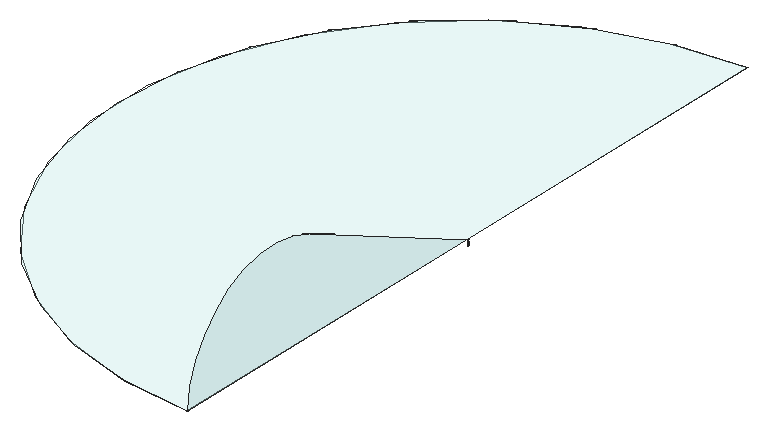
Revit family "Rotor 8005 Series - I8005", category Acessórios do tubo, Revit 2020
Family settings
  Cota do conector redondo = Utilizar diâmetro
  Tipo de parte = Normal
  Número OmniClass = 23.60.30.11.14
  Título OmniClass = Pipework Fittings
  Com base no plano de trabalho = Não
  Sempre na vertical = Sim
  Corte com vazios quando carregada = Não
  Compartilhado = Não
Parameters (values of type "Nozzle 20")
  Water = Water
  URL = "https://www.rainbird.com/"
  TABLE 90 = "TABLE 90psi"
  TABLE 80 = "TABLE 80psi"
  TABLE 70 = "TABLE 70psi"
  TABLE 60 = "TABLE 60psi"
  TABLE 50 = "TABLE 50psi"
  TABLE 100 = "TABLE 100psi"
  SupportProjetos: Reviw Date = ""  # constant formula
  SupportProjetos: Reviw = "R00"  # constant formula
  SupportProjetos: Level of Detail = "LOD 300"  # constant formula
  SupportProjetos: Developed = "MICHEL SOARES MOTA"  # constant formula
  SupportProjetos: Creation Date = "12/08/2020"  # constant formula
  Side inlet = no
  Rotation Water Visibility [instance] = Pop up on  # yes
  Rotation Angle [instance] = 180.00°
  RainBird: Product Link = "https://www.rainbird.com/"
  RainBird: Description = "I8005 Rotor "  # constant formula
  RainBird: Comment [instance] = ""
  RainBird: Code = "B81200"  # constant formula
  Radius [instance] = if(and(Pressure = 50.0 psi, Instance < 13 ft), size_lookup(TABLE 50, "Radius", 0 ft, Instance), if(and(Pressure = 60.0 psi, Instance < 13 ft), size_lookup(TABLE 60, "Radius", 0 ft, Instance), if(and(Pressure = 70.0 psi, Instance < 13 ft), size_lookup(TABLE 70, "Radius", 0 ft, Instance), if(and(Pressure = 80.0 psi, Instance < 13 ft), size_lookup(TABLE 80, "Radius", 0 ft, Instance), if(and(Pressure = 90.0 psi, Instance > 4 ft), size_lookup(TABLE 90, "Radius", 0 ft, Instance), if(and(Pressure = 100.0 psi, Instance > 8 ft), size_lookup(TABLE 100, "Radius", 0 ft, Instance), 600 ft))))))  # 73 ft
  RT = 0.009893 ft
  RN = 0.032808 ft
  R5 = 0.03937 ft
  R4 = 0.04101 ft
  R3 = 0.065617 ft
  R2 = 0.075407 ft
  R1 = 0.032808 ft
  Pressure [instance] = 90.0 psi
  Pop up height = 0.417 ft  # constant formula
  Pop up on [instance] = yes
  Modelo = "I8005"  # constant formula
  Instance = 9 ft
  H1 = Body height / 3  # 0.240667 ft
  Flow [instance] = if(and(Pressure = 50.0 psi, Instance < 13 ft), size_lookup(TABLE 50, "Flow", 0.0 GPM, Instance), if(and(Pressure = 60.0 psi, Instance < 13 ft), size_lookup(TABLE 60, "Flow", 0.0 GPM, Instance), if(and(Pressure = 70.0 psi, Instance < 13 ft), size_lookup(TABLE 70, "Flow", 0.0 GPM, Instance), if(and(Pressure = 80.0 psi, Instance < 13 ft), size_lookup(TABLE 80, "Flow", 0.0 GPM, Instance), if(and(Pressure = 90.0 psi, Instance > 4 ft), size_lookup(TABLE 90, "Flow", 0.0 GPM, Instance), if(and(Pressure = 100.0 psi, Instance > 8 ft), size_lookup(TABLE 100, "Flow", 0.0 GPM, Instance), 600.0 GPM))))))  # 25.3 GPM
  Fabricante = "Rain Bird"
  Elevação padrão = 0 ft
  Description = RainBird: Description  # "I8005 Rotor "
  DD13 = 0.002625 ft
  DD12 = 0.003937 ft
  DD11 = 0.009897 ft
  DD10 = 0.016404 ft
  DD8 [instance] = if(Pop up on, Pop up height, 0 ft)  # 0.417 ft
  DD7 = 0.019685 ft
  DD6 [instance] = 0.016404 ft
  DD5 = 0.065617 ft
  DD4 = 0.032808 ft
  DD3 = 0.091048 ft
  DD2 [instance] = 0.024514 ft
  DD9 [instance] = if(Pop up on, Pop up height + 0.049541 ft, 0 ft)  # 0.466541 ft
  DD1 = 0.006562 ft
  Conection = 0.062664 ft  # constant formula
  Body height = 0.722 ft  # constant formula
  Blue = Blue Plastic
  Black Plastic = Black Plastic
  Angle = 25.00°
Types (13, lengths in ft): name | Radius | Pressure | Instance | Flow
  (no name) | 73 | 90.0 psi | 9 | 25.3 GPM
  Nozzle 4 | 39 | 80.0 psi | 1 | 5.0 GPM
  Nozzle 6 | 45 | 80.0 psi | 2 | 7.1 GPM
  Nozzle 8 | 49 | 80.0 psi | 3 | 9.8 GPM
  Nozzle 10 | 55 | 80.0 psi | 4 | 11.8 GPM
  Nozzle 12 | 61 | 80.0 psi | 5 | 14.2 GPM
  Tipo 14 | 63 | 80.0 psi | 6 | 16.4 GPM
  Nozzle 16 | 67 | 80.0 psi | 7 | 18.6 GPM
  Nozzle 18 | 71 | 90.0 psi | 8 | 22.2 GPM
  Nozzle 20 | 73 | 90.0 psi | 9 | 25.3 GPM
  Nozzle 22 | 75 | 90.0 psi | 10 | 29.1 GPM
  Nozzle 24 | 79 | 90.0 psi | 11 | 31.0 GPM
  Nozzle 26 | 79 | 90.0 psi | 12 | 33.7 GPM
Reference planes (ft)
  plane 1 "Centro (Frente/Trás)": y = 0
  plane 2: z = 0
  plane 3 "Centro (Esquerda/Direita)": x = 0
  plane 4: z = 0.003937
  plane 5: z = 0.002625
  plane 6: y = -0.065617
Forms (ft)
  Revolve 1, solid, material "Black Plastic" <- "Black Plastic"
    sketch origin (0, 0, 0) x (1, 0, 0) y (0, 0, 1)
      loop
        line (0.075407, -0.091048) -> (0.075407, -0.035324)
        arc (0.075407, -0.035324) -> (0.072509, -0.028329) -> (0.065514, -0.025431) r 0.009893
        line (0.065514, -0.025431) -> (0.046098, -0.025431) -> (0.046098, 0) -> (0.03937, 0) -> (0.03937, -0.417) -> (0.019685, -0.417) -> (0.019685, -0.715438) -> (0.032808, -0.715438) -> (0.032808, -0.722) -> (0.04101, -0.722) -> (0.04101, -0.715438) -> (0.055724, -0.715438)
        arc (0.055724, -0.715438) -> (0.062719, -0.712541) -> (0.065617, -0.705545) r 0.009893
        line (0.065617, -0.705545) -> (0.065617, -0.091048) -> (0.075407, -0.091048)
      axis (0, -0.722) -> (0, 0)
    angle from 0 to 360
  Extrusion 2, solid, material "Black Plastic" <- "Black Plastic"
    sketch origin (0, 0, 0) x (1, 0, 0) y (0, 1, 0)
      loop
        circle (0, 0) r 0.032808
    from -0.417 to 0.417
  Extrusion 3, void
    sketch origin (0, 0, 0) x (1, 0, 0) y (0, 1, 0)
      loop
        circle (0, 0) r 0.022844
    from -0.417 to 0.417
  Revolve 4, solid, material "Black Plastic" <- "Black Plastic"
    sketch origin (0, 0, 0) x (1, 0, 0) y (0, 0, 1)
      loop
        line (0, 0.417) -> (0.037004, 0.417) -> (0.037004, 0.426897)
        arc (0.037004, 0.426897) -> (0.01879, 0.43179) -> (0, 0.433404) r 0.10685
        line (0, 0.433404) -> (0, 0.417)
      axis (0, 0.417) -> (0, 0.433404)
    angle from 0 to 360
  Extrusion 5, solid, material "Blue Plastic" <- "Blue"
    sketch origin (0, 0, 0) x (1, 0, 0) y (0, 0, 1)
      loop
        circle (0, 0.392486) r 0.009129
      loop
        circle (0, 0.392486) r 0.004793
    from 0 to 0.034386
  Extrusion 6, void
    sketch origin (0, 0, 0) x (1, 0, 0) y (0, 0, 1)
      loop
        line (-0.02074, 0.328055) -> (-0.02074, 0.282426) -> (0.020672, 0.282426) -> (0.020672, 0.328055) -> (-0.02074, 0.328055)
      loop
        line (-0.018439, 0.325179) -> (-0.018439, 0.285685) -> (0.018179, 0.285685) -> (0.018179, 0.325179) -> (-0.018439, 0.325179)
    from 0.024556 to 0.06931
  Extrusion 7, solid, material "Black Plastic" <- "Black Plastic"
    sketch origin (0, 0, 0) x (1, 0, 0) y (0, 0, 1)
      loop
        line (0.046098, 0) -> (0.046098, -0.036876) -> (0.073493, -0.036876) -> (0.046098, 0)
    from -0.002998 to 0.002998
  Extrusion 8, solid, material "Black Plastic" <- "Black Plastic"
    sketch origin (0, 0, 0) x (-1, 0, 0) y (0, 0, -1)
      loop
        line (0.046098, 0) -> (0.073493, 0.036876) -> (0.046098, 0.036876) -> (0.046098, 0)
    from -0.002998 to 0.002998
  Extrusion 9, solid, material "Black Plastic" <- "Black Plastic"
    sketch origin (0, 0, 0) x (0.866025, 0.5, 0) y (0, 0, 1)
      loop
        line (0.046098, 0) -> (0.046098, -0.036876) -> (0.073493, -0.036876) -> (0.046098, 0)
    from -0.002998 to 0.002998
  Extrusion 10, solid, material "Black Plastic" <- "Black Plastic"
    sketch origin (0, 0, 0) x (-0.866025, -0.5, 0) y (0, 0, -1)
      loop
        line (0.046098, 0) -> (0.073493, 0.036876) -> (0.046098, 0.036876) -> (0.046098, 0)
    from -0.002998 to 0.002998
  Extrusion 11, solid, material "Black Plastic" <- "Black Plastic"
    sketch origin (0, 0, 0) x (0, 1, 0) y (0, 0, 1)
      loop
        line (0.046098, 0) -> (0.046098, -0.036876) -> (0.073493, -0.036876) -> (0.046098, 0)
    from -0.002998 to 0.002998
  Extrusion 12, solid, material "Black Plastic" <- "Black Plastic"
    sketch origin (0, 0, 0) x (0, -1, 0) y (0, 0, -1)
      loop
        line (0.046098, 0) -> (0.073493, 0.036876) -> (0.046098, 0.036876) -> (0.046098, 0)
    from -0.002998 to 0.002998
  Extrusion 13, solid, material "Black Plastic" <- "Black Plastic"
    sketch origin (0, 0, 0) x (0.5, 0.866025, 0) y (0, 0, 1)
      loop
        line (0.046098, 0) -> (0.046098, -0.036876) -> (0.073493, -0.036876) -> (0.046098, 0)
    from -0.002998 to 0.002998
  Extrusion 14, solid, material "Black Plastic" <- "Black Plastic"
    sketch origin (0, 0, 0) x (-0.5, -0.866025, 0) y (0, 0, -1)
      loop
        line (0.046098, 0) -> (0.073493, 0.036876) -> (0.046098, 0.036876) -> (0.046098, 0)
    from -0.002998 to 0.002998
  Extrusion 15, solid, material "Black Plastic" <- "Black Plastic"
    sketch origin (0, 0, 0) x (-0.5, 0.866025, 0) y (0, 0, 1)
      loop
        line (0.046098, 0) -> (0.046098, -0.036876) -> (0.073493, -0.036876) -> (0.046098, 0)
    from -0.002998 to 0.002998
  Extrusion 16, solid, material "Black Plastic" <- "Black Plastic"
    sketch origin (0, 0, 0) x (0.5, -0.866025, 0) y (0, 0, -1)
      loop
        line (0.046098, 0) -> (0.073493, 0.036876) -> (0.046098, 0.036876) -> (0.046098, 0)
    from -0.002998 to 0.002998
  Extrusion 17, solid, material "Black Plastic" <- "Black Plastic"
    sketch origin (0, 0, 0) x (-0.866025, 0.5, 0) y (0, 0, 1)
      loop
        line (0.046098, 0) -> (0.046098, -0.036876) -> (0.073493, -0.036876) -> (0.046098, 0)
    from -0.002998 to 0.002998
  Extrusion 18, solid, material "Black Plastic" <- "Black Plastic"
    sketch origin (0, 0, 0) x (0.866025, -0.5, 0) y (0, 0, -1)
      loop
        line (0.046098, 0) -> (0.073493, 0.036876) -> (0.046098, 0.036876) -> (0.046098, 0)
    from -0.002998 to 0.002998
  Extrusion 19, void
    sketch origin (0, 0, 0) x (1, 0, 0) y (0, 1, 0)
      loop
        line (-0.002998, 0.077702) -> (-0.002998, 0.071655) -> (0.002998, 0.071655) -> (0.002998, 0.077702) -> (-0.002998, 0.077702)
    from -0.091048 to 0.82021
  Extrusion 20, void
    sketch origin (0, 0, 0) x (1, 0, 0) y (0, 1, 0)
      loop
        line (0.002998, -0.077702) -> (0.002998, -0.071655) -> (-0.002998, -0.071655) -> (-0.002998, -0.077702) -> (0.002998, -0.077702)
    from -0.091048 to 0.82021
  Extrusion 21, void
    sketch origin (0, 0, 0) x (0.965926, 0.258819, 0) y (-0.258819, 0.965926, 0)
      loop
        line (-0.002998, 0.077702) -> (-0.002998, 0.071655) -> (0.002998, 0.071655) -> (0.002998, 0.077702) -> (-0.002998, 0.077702)
    from -0.091048 to 0.82021
  Extrusion 22, void
    sketch origin (0, 0, 0) x (0.965926, 0.258819, 0) y (-0.258819, 0.965926, 0)
      loop
        line (0.002998, -0.077702) -> (0.002998, -0.071655) -> (-0.002998, -0.071655) -> (-0.002998, -0.077702) -> (0.002998, -0.077702)
    from -0.091048 to 0.82021
  Extrusion 23, void
    sketch origin (0, 0, 0) x (0.866025, 0.5, 0) y (-0.5, 0.866025, 0)
      loop
        line (-0.002998, 0.077702) -> (-0.002998, 0.071655) -> (0.002998, 0.071655) -> (0.002998, 0.077702) -> (-0.002998, 0.077702)
    from -0.091048 to 0.82021
  Extrusion 24, void
    sketch origin (0, 0, 0) x (0.866025, 0.5, 0) y (-0.5, 0.866025, 0)
      loop
        line (0.002998, -0.077702) -> (0.002998, -0.071655) -> (-0.002998, -0.071655) -> (-0.002998, -0.077702) -> (0.002998, -0.077702)
    from -0.091048 to 0.82021
  Extrusion 25, void
    sketch origin (0, 0, 0) x (0.5, 0.866025, 0) y (-0.866025, 0.5, 0)
      loop
        line (-0.002998, 0.077702) -> (-0.002998, 0.071655) -> (0.002998, 0.071655) -> (0.002998, 0.077702) -> (-0.002998, 0.077702)
    from -0.091048 to 0.82021
  Extrusion 26, void
    sketch origin (0, 0, 0) x (0.5, 0.866025, 0) y (-0.866025, 0.5, 0)
      loop
        line (0.002998, -0.077702) -> (0.002998, -0.071655) -> (-0.002998, -0.071655) -> (-0.002998, -0.077702) -> (0.002998, -0.077702)
    from -0.091048 to 0.82021
  Extrusion 27, void
    sketch origin (0, 0, 0) x (0.707107, 0.707107, 0) y (-0.707107, 0.707107, 0)
      loop
        line (-0.002998, 0.077702) -> (-0.002998, 0.071655) -> (0.002998, 0.071655) -> (0.002998, 0.077702) -> (-0.002998, 0.077702)
    from -0.091048 to 0.82021
  Extrusion 28, void
    sketch origin (0, 0, 0) x (0.707107, 0.707107, 0) y (-0.707107, 0.707107, 0)
      loop
        line (0.002998, -0.077702) -> (0.002998, -0.071655) -> (-0.002998, -0.071655) -> (-0.002998, -0.077702) -> (0.002998, -0.077702)
    from -0.091048 to 0.82021
  Extrusion 29, void
    sketch origin (0, 0, 0) x (0.258819, 0.965926, 0) y (-0.965926, 0.258819, 0)
      loop
        line (-0.002998, 0.077702) -> (-0.002998, 0.071655) -> (0.002998, 0.071655) -> (0.002998, 0.077702) -> (-0.002998, 0.077702)
    from -0.091048 to 0.82021
  Extrusion 30, void
    sketch origin (0, 0, 0) x (0.258819, 0.965926, 0) y (-0.965926, 0.258819, 0)
      loop
        line (0.002998, -0.077702) -> (0.002998, -0.071655) -> (-0.002998, -0.071655) -> (-0.002998, -0.077702) -> (0.002998, -0.077702)
    from -0.091048 to 0.82021
  Extrusion 31, void
    sketch origin (0, 0, 0) x (0, 1, 0) y (-1, 0, 0)
      loop
        line (-0.002998, 0.077702) -> (-0.002998, 0.071655) -> (0.002998, 0.071655) -> (0.002998, 0.077702) -> (-0.002998, 0.077702)
    from -0.091048 to 0.82021
  Extrusion 32, void
    sketch origin (0, 0, 0) x (0, 1, 0) y (-1, 0, 0)
      loop
        line (0.002998, -0.077702) -> (0.002998, -0.071655) -> (-0.002998, -0.071655) -> (-0.002998, -0.077702) -> (0.002998, -0.077702)
    from -0.091048 to 0.82021
  Extrusion 33, void
    sketch origin (0, 0, 0) x (-0.258819, 0.965926, 0) y (-0.965926, -0.258819, 0)
      loop
        line (-0.002998, 0.077702) -> (-0.002998, 0.071655) -> (0.002998, 0.071655) -> (0.002998, 0.077702) -> (-0.002998, 0.077702)
    from -0.091048 to 0.82021
  Extrusion 34, void
    sketch origin (0, 0, 0) x (-0.258819, 0.965926, 0) y (-0.965926, -0.258819, 0)
      loop
        line (0.002998, -0.077702) -> (0.002998, -0.071655) -> (-0.002998, -0.071655) -> (-0.002998, -0.077702) -> (0.002998, -0.077702)
    from -0.091048 to 0.82021
  Extrusion 35, void
    sketch origin (0, 0, 0) x (-0.5, 0.866025, 0) y (-0.866025, -0.5, 0)
      loop
        line (-0.002998, 0.077702) -> (-0.002998, 0.071655) -> (0.002998, 0.071655) -> (0.002998, 0.077702) -> (-0.002998, 0.077702)
    from -0.091048 to 0.82021
  Extrusion 36, void
    sketch origin (0, 0, 0) x (-0.5, 0.866025, 0) y (-0.866025, -0.5, 0)
      loop
        line (0.002998, -0.077702) -> (0.002998, -0.071655) -> (-0.002998, -0.071655) -> (-0.002998, -0.077702) -> (0.002998, -0.077702)
    from -0.091048 to 0.82021
  Extrusion 37, void
    sketch origin (0, 0, 0) x (-0.707107, 0.707107, 0) y (-0.707107, -0.707107, 0)
      loop
        line (-0.002998, 0.077702) -> (-0.002998, 0.071655) -> (0.002998, 0.071655) -> (0.002998, 0.077702) -> (-0.002998, 0.077702)
    from -0.091048 to 0.82021
  Extrusion 38, void
    sketch origin (0, 0, 0) x (-0.707107, 0.707107, 0) y (-0.707107, -0.707107, 0)
      loop
        line (0.002998, -0.077702) -> (0.002998, -0.071655) -> (-0.002998, -0.071655) -> (-0.002998, -0.077702) -> (0.002998, -0.077702)
    from -0.091048 to 0.82021
  Extrusion 39, void
    sketch origin (0, 0, 0) x (-0.866025, 0.5, 0) y (-0.5, -0.866025, 0)
      loop
        line (-0.002998, 0.077702) -> (-0.002998, 0.071655) -> (0.002998, 0.071655) -> (0.002998, 0.077702) -> (-0.002998, 0.077702)
    from -0.091048 to 0.82021
  Extrusion 40, void
    sketch origin (0, 0, 0) x (-0.866025, 0.5, 0) y (-0.5, -0.866025, 0)
      loop
        line (0.002998, -0.077702) -> (0.002998, -0.071655) -> (-0.002998, -0.071655) -> (-0.002998, -0.077702) -> (0.002998, -0.077702)
    from -0.091048 to 0.82021
  Extrusion 41, void
    sketch origin (0, 0, 0) x (-0.965926, 0.258819, 0) y (-0.258819, -0.965926, 0)
      loop
        line (-0.002998, 0.077702) -> (-0.002998, 0.071655) -> (0.002998, 0.071655) -> (0.002998, 0.077702) -> (-0.002998, 0.077702)
    from -0.091048 to 0.82021
  Extrusion 42, void
    sketch origin (0, 0, 0) x (-0.965926, 0.258819, 0) y (-0.258819, -0.965926, 0)
      loop
        line (0.002998, -0.077702) -> (0.002998, -0.071655) -> (-0.002998, -0.071655) -> (-0.002998, -0.077702) -> (0.002998, -0.077702)
    from -0.091048 to 0.82021
  Extrusion 43, solid, material "Water" <- "Water", visible <- "Rotation Water Visibility"
    sketch origin (0, 0, 0) x (0, 1, 0) y (0, 0, 1)
      loop
        line (-0.032808, 0.392486) -> (-41.314762, 19.642577)
        arc (-41.314762, 19.642577) -> (-62.318922, 18.495086) -> (-73.032808, 0.392486) r 22.310372
        line (-73.032808, 0.392486) -> (-0.032808, 0.392486)
    from -0.008202 to 0.008202
Cuts and joins
  Extrusion 3, Extrusion 6 cuts Extrusion 2
  Extrusion 19, Extrusion 20, Extrusion 21, Extrusion 22, Extrusion 23, Extrusion 24, Extrusion 25, Extrusion 26, Extrusion 27, Extrusion 28, Extrusion 29, Extrusion 30, Extrusion 31, Extrusion 32, Extrusion 33, Extrusion 34, Extrusion 35, Extrusion 36, Extrusion 37, Extrusion 38, Extrusion 39, Extrusion 40, Extrusion 41, Extrusion 42 cuts Revolve 1
Dimensions and locks (ft)
  "Body height": level to Revolve 1 sketch curve
  "R2": Revolve 1 sketch curve to plane 3 "Centro (Esquerda/Direita)"
  "DD1": Revolve 1 sketch curve to Revolve 1 sketch curve
  "DD3": level to Revolve 1 sketch curve
  Revolve 1 sketch curve to plane 3 "Centro (Esquerda/Direita)" = 0.065617 ft
  "R4": Revolve 1 sketch curve to plane 3 "Centro (Esquerda/Direita)"
  "RN": Revolve 1 sketch curve to plane 3 "Centro (Esquerda/Direita)"
  "Pop up height": level to Revolve 1 sketch curve
  "R5": plane 3 "Centro (Esquerda/Direita)" to Revolve 1 sketch curve
  "DD7": Revolve 1 sketch curve to plane 3 "Centro (Esquerda/Direita)"
  "DD8": Extrusion 2 to level
  "DD12": plane 4 to level
  "DD13": plane 5 to level
  "R3": plane 6 to plane 1 "Centro (Frente/Trás)"
  "DD5": Revolve 1 sketch curve to Revolve 1 sketch curve
  "DD10": Revolve 4 sketch curve to Revolve 4 sketch curve
  "DD11": Revolve 4 sketch curve to Revolve 4 sketch curve
  "DD2": Revolve 4 to Extrusion 5 sketch curve  (x2)
  Extrusion 7 to plane 3 "Centro (Esquerda/Direita)" = 0.046098 ft
  equal spacing: Extrusion 7, plane 1 "Centro (Frente/Trás)", Extrusion 7
  Extrusion 8 to Extrusion 8 = 0.005995 ft
  Extrusion 9 to Extrusion 9 = 0.005995 ft
  Extrusion 20 sketch curve to Extrusion 20 sketch curve = 0.005995 ft
  Extrusion 22 sketch curve to Extrusion 22 sketch curve = 0.005995 ft
  Extrusion 24 sketch curve to Extrusion 24 sketch curve = 0.005995 ft
  Extrusion 26 sketch curve to Extrusion 26 sketch curve = 0.005995 ft
  Extrusion 28 sketch curve to Extrusion 28 sketch curve = 0.005995 ft
  Extrusion 30 sketch curve to Extrusion 30 sketch curve = 0.005995 ft
  Extrusion 32 sketch curve to Extrusion 32 sketch curve = 0.005995 ft
  Extrusion 34 sketch curve to Extrusion 34 sketch curve = 0.005995 ft
  Extrusion 36 sketch curve to Extrusion 36 sketch curve = 0.005995 ft
  Extrusion 38 sketch curve to Extrusion 38 sketch curve = 0.005995 ft
  Extrusion 40 sketch curve to Extrusion 40 sketch curve = 0.005995 ft
  Extrusion 42 sketch curve to Extrusion 42 sketch curve = 0.005995 ft
  "DD4": plane 1 "Centro (Frente/Trás)" to Extrusion 43 sketch curve
  "DD2": Revolve 4 to Extrusion 43 sketch curve
  "Radius": Extrusion 43 sketch curve to Extrusion 43 sketch curve
  equal spacing: Extrusion 43, plane 3 "Centro (Esquerda/Direita)", Extrusion 43
  "DD6": Extrusion 43 to Extrusion 43
  "DD2": Revolve 4 to nested 1
  "RT": radius of Revolve 1 sketch curve  (x2)
  "R1": radius of Extrusion 2 sketch curve
  "Angle": angle Extrusion 43 sketch curve to Extrusion 43 sketch curve
  aligned and locked: level to plane 2
  aligned and locked: Revolve 1 sketch curve to Revolve 1 sketch curve
  aligned and locked: Extrusion 2 to Revolve 1
  aligned and locked: cut or joined group of Extrusion 2, Extrusion 3, Extrusion 6 to cut or joined group of Extrusion 2, Extrusion 3, Extrusion 6  (x2)
  aligned and locked: Revolve 4 sketch curve to cut or joined group of Extrusion 2, Extrusion 3, Extrusion 6
  aligned and locked: Extrusion 20 to Revolve 1
  aligned and locked: Extrusion 22 to Revolve 1
  aligned and locked: Extrusion 24 to Revolve 1
  aligned and locked: Extrusion 28 to Revolve 1
  aligned and locked: Extrusion 26 to Revolve 1
  aligned and locked: Extrusion 30 to Revolve 1
  aligned and locked: Extrusion 32 to Revolve 1
  aligned and locked: Extrusion 34 to Revolve 1
  aligned and locked: Revolve 1 to Extrusion 36
  aligned and locked: Revolve 1 to Extrusion 38
  aligned and locked: Extrusion 41 to Revolve 1
  aligned and locked: Extrusion 39 to Revolve 1
  aligned and locked: Extrusion 37 to Revolve 1
  aligned and locked: Extrusion 35 to Revolve 1
  aligned and locked: Extrusion 33 to Revolve 1
  aligned and locked: Extrusion 31 to Revolve 1
  aligned and locked: Extrusion 29 to Revolve 1
  aligned and locked: Revolve 1 to Extrusion 25
  aligned and locked: Revolve 1 to Extrusion 27
  aligned and locked: Revolve 1 to Extrusion 19
  aligned and locked: Revolve 1 to Extrusion 21
  aligned and locked: Revolve 1 to Extrusion 42
  aligned and locked: Revolve 1 to Extrusion 40
  aligned and locked: Revolve 1 to Extrusion 23
Automatic sketch dimensions
  plane 1 "Centro (Frente/Trás)" to Extrusion 2 sketch curve = 0 ft
  Extrusion 2 sketch curve to plane 3 "Centro (Esquerda/Direita)" = 0 ft
  plane 1 "Centro (Frente/Trás)" to Extrusion 3 sketch curve = 0 ft
  Extrusion 3 sketch curve to plane 3 "Centro (Esquerda/Direita)" = 0 ft
  Revolve 4 sketch curve to plane 3 "Centro (Esquerda/Direita)" = 0 ft  (x2)
  plane 3 "Centro (Esquerda/Direita)" to Revolve 4 sketch curve = 0.000284 ft
  plane 3 "Centro (Esquerda/Direita)" to Revolve 4 sketch curve = 0.037004 ft
  Revolve 4 sketch curve to Revolve 4 sketch curve = 0.015719 ft
  Revolve 4 sketch curve to Revolve 4 sketch curve = 0.114829 ft
  Extrusion 5 sketch curve to Extrusion 5 sketch curve = 0 ft
  Extrusion 5 sketch curve to plane 3 "Centro (Esquerda/Direita)" = 0 ft
  Extrusion 6 sketch curve to plane 3 "Centro (Esquerda/Direita)" = 0.02074 ft
  Extrusion 6 sketch curve to Extrusion 6 sketch curve = 0.002301 ft
  plane 3 "Centro (Esquerda/Direita)" to Extrusion 6 sketch curve = 0.018179 ft
  Extrusion 6 sketch curve to Extrusion 6 sketch curve = 0.002492 ft
  plane 4 to Extrusion 6 sketch curve = 0.278489 ft
  Extrusion 6 sketch curve to Extrusion 6 sketch curve = 0.003259 ft
  Extrusion 6 sketch curve to Extrusion 6 sketch curve = 0.039494 ft
  Extrusion 6 sketch curve to Extrusion 6 sketch curve = 0.002876 ft
  Extrusion 7 sketch curve to level = 0 ft
  plane 3 "Centro (Esquerda/Direita)" to Extrusion 7 sketch curve = 0.046098 ft
  Extrusion 7 sketch curve to Extrusion 7 sketch curve = 0.027396 ft
  Extrusion 7 sketch curve to Extrusion 7 sketch curve = 0.036876 ft
  Extrusion 8 sketch curve to level = 0 ft
  plane 3 "Centro (Esquerda/Direita)" to Extrusion 8 sketch curve = 0.046098 ft
  Extrusion 8 sketch curve to Extrusion 8 sketch curve = 0.027396 ft
  Extrusion 8 sketch curve to Extrusion 8 sketch curve = 0.036876 ft
  Extrusion 9 sketch curve to level = 0 ft
  Extrusion 9 sketch curve to level = 0.036876 ft
  Extrusion 9 sketch curve to Extrusion 9 sketch curve = 0.027396 ft
  Extrusion 10 sketch curve to level = 0 ft
  Extrusion 10 sketch curve to level = 0.036876 ft
  Extrusion 10 sketch curve to Extrusion 10 sketch curve = 0.027396 ft
  Extrusion 11 sketch curve to level = 0 ft
  Extrusion 11 sketch curve to plane 1 "Centro (Frente/Trás)" = 0.046098 ft
  Extrusion 11 sketch curve to Extrusion 11 sketch curve = 0.027396 ft
  Extrusion 11 sketch curve to Extrusion 11 sketch curve = 0.036876 ft
  Extrusion 12 sketch curve to level = 0 ft
  plane 6 to Extrusion 12 sketch curve = 0.019519 ft
  Extrusion 12 sketch curve to plane 6 = 0.007877 ft
  Extrusion 12 sketch curve to level = 0.036876 ft
  Extrusion 13 sketch curve to level = 0 ft
  Extrusion 13 sketch curve to level = 0.036876 ft
  Extrusion 13 sketch curve to Extrusion 13 sketch curve = 0.027396 ft
  Extrusion 14 sketch curve to level = 0 ft
  Extrusion 14 sketch curve to level = 0.036876 ft
  Extrusion 14 sketch curve to Extrusion 14 sketch curve = 0.027396 ft
  level to Extrusion 15 sketch curve = 0 ft
  Extrusion 15 sketch curve to level = 0.036876 ft
  Extrusion 15 sketch curve to Extrusion 15 sketch curve = 0.027396 ft
  level to Extrusion 16 sketch curve = 0 ft
  Extrusion 16 sketch curve to level = 0.036876 ft
  Extrusion 16 sketch curve to Extrusion 16 sketch curve = 0.027396 ft
  level to Extrusion 17 sketch curve = 0 ft
  Extrusion 17 sketch curve to level = 0.036876 ft
  Extrusion 17 sketch curve to Extrusion 17 sketch curve = 0.027396 ft
  level to Extrusion 18 sketch curve = 0 ft
  Extrusion 18 sketch curve to level = 0.036876 ft
  Extrusion 18 sketch curve to Extrusion 18 sketch curve = 0.027396 ft
  Extrusion 19 sketch curve to plane 3 "Centro (Esquerda/Direita)" = 0.002998 ft
  Extrusion 19 sketch curve to plane 1 "Centro (Frente/Trás)" = 0.071655 ft
  Extrusion 19 sketch curve to Extrusion 19 sketch curve = 0.006047 ft
  plane 3 "Centro (Esquerda/Direita)" to Extrusion 20 sketch curve = 0.002998 ft
  plane 6 to Extrusion 20 sketch curve = 0.006038 ft
  Extrusion 20 sketch curve to Extrusion 20 sketch curve = 0.006047 ft
  plane 3 "Centro (Esquerda/Direita)" to Extrusion 19 sketch curve = 0.002998 ft
  Extrusion 21 sketch curve to plane 3 "Centro (Esquerda/Direita)" = 0.021441 ft
  Extrusion 21 sketch curve to plane 1 "Centro (Frente/Trás)" = 0.068438 ft
  Extrusion 21 sketch curve to Extrusion 21 sketch curve = 0.005995 ft
  Extrusion 21 sketch curve to Extrusion 21 sketch curve = 0.006047 ft
  Extrusion 22 sketch curve to plane 6 = 0.010213 ft
  plane 3 "Centro (Esquerda/Direita)" to Extrusion 22 sketch curve = 0.017215 ft
  Extrusion 22 sketch curve to Extrusion 22 sketch curve = 0.006047 ft
  Extrusion 23 sketch curve to plane 3 "Centro (Esquerda/Direita)" = 0.038424 ft
  Extrusion 23 sketch curve to plane 1 "Centro (Frente/Trás)" = 0.060556 ft
  Extrusion 23 sketch curve to Extrusion 23 sketch curve = 0.005995 ft
  Extrusion 23 sketch curve to Extrusion 23 sketch curve = 0.006047 ft
  Extrusion 24 sketch curve to plane 6 = 0.003174 ft
  plane 3 "Centro (Esquerda/Direita)" to Extrusion 24 sketch curve = 0.036255 ft
  Extrusion 24 sketch curve to Extrusion 24 sketch curve = 0.006047 ft
  Extrusion 25 sketch curve to plane 1 "Centro (Frente/Trás)" = 0.033231 ft
  Extrusion 25 sketch curve to plane 3 "Centro (Esquerda/Direita)" = 0.063554 ft
  Extrusion 25 sketch curve to Extrusion 25 sketch curve = 0.005995 ft
  Extrusion 25 sketch curve to Extrusion 25 sketch curve = 0.006047 ft
  Extrusion 26 sketch curve to plane 6 = 0.02417 ft
  Extrusion 26 sketch curve to plane 3 "Centro (Esquerda/Direita)" = 0.065793 ft
  Extrusion 26 sketch curve to Extrusion 26 sketch curve = 0.006047 ft
  Extrusion 27 sketch curve to plane 1 "Centro (Frente/Trás)" = 0.048548 ft
  Extrusion 27 sketch curve to plane 3 "Centro (Esquerda/Direita)" = 0.052787 ft
  Extrusion 27 sketch curve to Extrusion 27 sketch curve = 0.005995 ft
  Extrusion 27 sketch curve to Extrusion 27 sketch curve = 0.006047 ft
  plane 6 to Extrusion 28 sketch curve = 0.008554 ft
  plane 3 "Centro (Esquerda/Direita)" to Extrusion 28 sketch curve = 0.052824 ft
  Extrusion 28 sketch curve to Extrusion 28 sketch curve = 0.006047 ft
  Extrusion 29 sketch curve to plane 1 "Centro (Frente/Trás)" = 0.01565 ft
  Extrusion 29 sketch curve to plane 3 "Centro (Esquerda/Direita)" = 0.069989 ft
  Extrusion 29 sketch curve to Extrusion 29 sketch curve = 0.005995 ft
  Extrusion 29 sketch curve to Extrusion 29 sketch curve = 0.006047 ft
  plane 1 "Centro (Frente/Trás)" to Extrusion 30 sketch curve = 0.023006 ft
  plane 3 "Centro (Esquerda/Direita)" to Extrusion 30 sketch curve = 0.074278 ft
  Extrusion 30 sketch curve to Extrusion 30 sketch curve = 0.006047 ft
  plane 1 "Centro (Frente/Trás)" to Extrusion 31 sketch curve = 0.002998 ft
  Extrusion 31 sketch curve to plane 1 "Centro (Frente/Trás)" = 0.002998 ft
  Extrusion 31 sketch curve to plane 3 "Centro (Esquerda/Direita)" = 0.071655 ft
  Extrusion 31 sketch curve to Extrusion 31 sketch curve = 0.006047 ft
  plane 1 "Centro (Frente/Trás)" to Extrusion 32 sketch curve = 0.002998 ft
  plane 3 "Centro (Esquerda/Direita)" to Extrusion 32 sketch curve = 0.077702 ft
  Extrusion 32 sketch curve to Extrusion 32 sketch curve = 0.006047 ft
  plane 1 "Centro (Frente/Trás)" to Extrusion 33 sketch curve = 0.021441 ft
  Extrusion 33 sketch curve to plane 3 "Centro (Esquerda/Direita)" = 0.068438 ft
  Extrusion 33 sketch curve to Extrusion 33 sketch curve = 0.005995 ft
  Extrusion 33 sketch curve to Extrusion 33 sketch curve = 0.006047 ft
  Extrusion 34 sketch curve to plane 1 "Centro (Frente/Trás)" = 0.017215 ft
  plane 3 "Centro (Esquerda/Direita)" to Extrusion 34 sketch curve = 0.07583 ft
  Extrusion 34 sketch curve to Extrusion 34 sketch curve = 0.006047 ft
  plane 6 to Extrusion 35 sketch curve = 0.027193 ft
  Extrusion 35 sketch curve to plane 3 "Centro (Esquerda/Direita)" = 0.060556 ft
  Extrusion 35 sketch curve to Extrusion 35 sketch curve = 0.005995 ft
  Extrusion 35 sketch curve to Extrusion 35 sketch curve = 0.006047 ft
  Extrusion 36 sketch curve to plane 1 "Centro (Frente/Trás)" = 0.036255 ft
  plane 3 "Centro (Esquerda/Direita)" to Extrusion 36 sketch curve = 0.068791 ft
  Extrusion 36 sketch curve to Extrusion 36 sketch curve = 0.006047 ft
  plane 6 to Extrusion 37 sketch curve = 0.012829 ft
  Extrusion 37 sketch curve to plane 3 "Centro (Esquerda/Direita)" = 0.048548 ft
  Extrusion 37 sketch curve to Extrusion 37 sketch curve = 0.005995 ft
  Extrusion 37 sketch curve to Extrusion 37 sketch curve = 0.006047 ft
  Extrusion 38 sketch curve to plane 1 "Centro (Frente/Trás)" = 0.052824 ft
  plane 3 "Centro (Esquerda/Direita)" to Extrusion 38 sketch curve = 0.057063 ft
  Extrusion 38 sketch curve to Extrusion 38 sketch curve = 0.006047 ft
  plane 6 to Extrusion 39 sketch curve = 0.002063 ft
  Extrusion 39 sketch curve to plane 3 "Centro (Esquerda/Direita)" = 0.033231 ft
  Extrusion 39 sketch curve to Extrusion 39 sketch curve = 0.005995 ft
  Extrusion 39 sketch curve to Extrusion 39 sketch curve = 0.006047 ft
  plane 3 "Centro (Esquerda/Direita)" to Extrusion 40 sketch curve = 0.041447 ft
  Extrusion 40 sketch curve to plane 1 "Centro (Frente/Trás)" = 0.065793 ft
  Extrusion 40 sketch curve to Extrusion 40 sketch curve = 0.006047 ft
  Extrusion 41 sketch curve to plane 6 = 0.004372 ft
  Extrusion 41 sketch curve to plane 3 "Centro (Esquerda/Direita)" = 0.01565 ft
  Extrusion 41 sketch curve to Extrusion 41 sketch curve = 0.005995 ft
  Extrusion 41 sketch curve to Extrusion 41 sketch curve = 0.006047 ft
  plane 3 "Centro (Esquerda/Direita)" to Extrusion 42 sketch curve = 0.023006 ft
  Extrusion 42 sketch curve to plane 1 "Centro (Frente/Trás)" = 0.074278 ft
  Extrusion 42 sketch curve to Extrusion 42 sketch curve = 0.006047 ft
  Revolve 1 sketch curve to plane 3 "Centro (Esquerda/Direita)" = 0 ft
  Revolve 1 sketch curve to level = 0 ft
  Revolve 1 sketch curve to Revolve 1 sketch curve = 0.019416 ft
  plane 4 to Revolve 1 sketch curve = 0.079347 ft
  Revolve 1 sketch curve to Revolve 1 sketch curve = 0.918635 ft
  Extrusion 43 sketch curve to level = 0.577487 ft
  radius of Extrusion 3 sketch curve = 0.022844 ft
  radius of Extrusion 5 sketch curve = 0.009129 ft
  radius of Extrusion 5 sketch curve = 0.004793 ft
Nested families (ft)
  nested 1: "Water" at (-0.000155, 0, 0.273228) x (0, -1, 0) z (0, 0, 1), DT9 <- "DD4", Radius <- "Radius", visible <- "Rotation Water Visibility", Rotation Angle <- "Rotation Angle", type "Water"
    with Rotation Angle 180.00°, Radius 73 ft, DT9 0.032808 ft, DT8 0 ft, DT7 292 ft, DT4 365 ft, Angle 2 180.00°
Connectors (ft)
  piping at (0, 0, -0.722), diameter 2
    settings: on cut or joined group of Revolve 1, Extrusion 19, Extrusion 20, Extrusion 21, Extrusion 22, Extrusion 23, Extrusion 24, Extrusion 25, Extrusion 26, Extrusion 27, Extrusion 28, Extrusion 29, Extrusion 30, Extrusion 31, Extrusion 32, Extrusion 33, Extrusion 34, Extrusion 35, Extrusion 36, Extrusion 37, Extrusion 38, Extrusion 39, Extrusion 40, Extrusion 41, Extrusion 42, index 1, connector inside diameter 609.6 mm, connector length 0 ft, flow factor 0, pipe flow 0.0 GPM, pressure drop 0.0 psi, fitting loss kfactor 0, connector angle 0.00°, fixture units 0, engagement length 0 ft, angle of deflection 0.00°, flow configuration 0, flow direction 0, fitting loss method 0, system type 28, joint type 0, gender type 0, connector reference index -1, connector utility 0, adjustable connector no, is connector primary yes, connector description ""
Definition of nested family "Water"
  Parameters (values of type "Water")
    Water Visibility (Circle) = yes
    Water = none
    URL = ""
    SupportProjetos: Reviw Date = ""  # constant formula
    SupportProjetos: Level of Detail = "LOD 300"  # constant formula
    SupportProjetos: Developed = "MICHEL SOARES MOTA"  # constant formula
    SupportProjetos: Creation Date = "16/07/2020"  # constant formula
    Rotation Angle [instance] = 90.00°
    Reviw = "R00"  # constant formula
    Radius [instance] = 14 ft
    Model = ""
    Default Elevation = 4 ft
    Description = ""
    DT9 [instance] = 0.032808 ft
    DT8 [instance] = if(Rotation Angle = 360.00°, 10 ft, 0 ft)  # 0 ft
    DT7 [instance] = 4 * Radius  # 56 ft
    DT4 [instance] = 5 * Radius  # 70 ft
    DT2 = 0.098425 ft  # constant formula
    DT6 = 0 ft
    Angle 2 [instance] = if(Rotation Angle = 360.00°, 180.00°, 360.00° - Rotation Angle)  # 270.00°
  Reference planes (ft)
    plane 1 "Centro (Frente/Trás)": y = 0
    plane 2: z = 0
    plane 3 "Centro (Esquerda/Direita)": x = 0
  Forms (ft)
    Revolve 1, solid, material <- "Water", visible <- "Water Visibility (Circle)"
      sketch origin (0, 0, 0) x (1, 0, 0) y (0, 0, 1)
        loop
          line (0.032808, 0.098425) -> (14.032808, 0.098425) -> (14.032808, 0.119259) -> (0.032808, 0.119259) -> (0.032808, 0.098425)
        axis (0, 0.098425) -> (0, 0.119259)
      angle from 0 to 360
    Extrusion 2, void
      sketch origin (0, 0, 0) x (1, 0, 0) y (0, 1, 0)
        loop
          line (0, 0) -> (70, 0) -> (70, 56)
          arc (70, 56) -> (-70.459018, 51.588344) -> (0, -70) r 81.847109
          line (0, -70) -> (0, 0)
      from 0 to 15.189231
  Cuts and joins
    Extrusion 2 cuts Revolve 1
  Dimensions and locks (ft)
    "DT2": Revolve 1 sketch curve to level
    "DT4": Extrusion 2 sketch curve to Extrusion 2 sketch curve  (x2)
    "DT6": Extrusion 2 sketch curve to plane 3 "Centro (Esquerda/Direita)"
    "DT7": Extrusion 2 sketch curve to Extrusion 2 sketch curve
    "DT8": cut or joined group of Revolve 1, Extrusion 2 to level
    "Radius": Revolve 1 sketch curve to Revolve 1 sketch curve
    "DT9": Revolve 1 sketch curve to plane 3 "Centro (Esquerda/Direita)"
    "Angle 2": angle Extrusion 2 sketch curve to Extrusion 2 sketch curve
    aligned and locked: level to plane 2
    aligned and locked: plane 1 "Centro (Frente/Trás)" to Extrusion 2 sketch curve
  Automatic sketch dimensions
    plane 3 "Centro (Esquerda/Direita)" to Extrusion 2 sketch curve = 1.088227 ft
    Revolve 1 sketch curve to plane 3 "Centro (Esquerda/Direita)" = 0 ft
    Revolve 1 sketch curve to Revolve 1 sketch curve = 0.020833 ft
    Revolve 1 sketch curve to Revolve 1 sketch curve = 0.032113 ft
    Revolve 1 sketch curve to Revolve 1 sketch curve = 10.2693 ft
